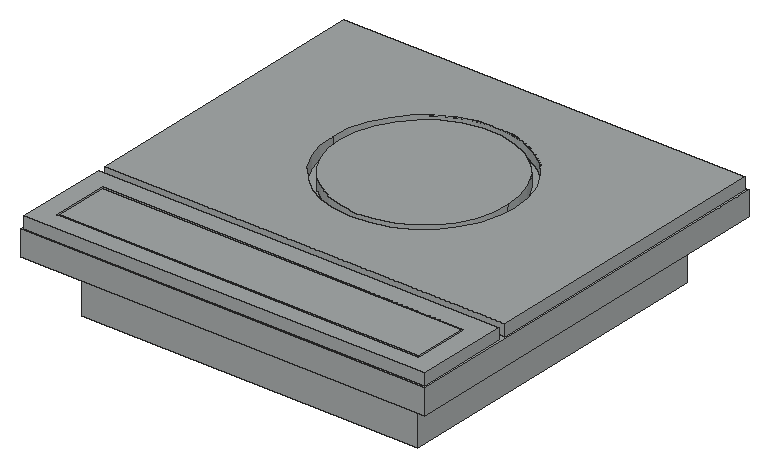
Revit family "Gira_5533926", category Electrical Fixtures, host Face, Revit 2017
Family settings
  Host = Face
  Maintain Annotation Orientation = Yes
  Round Connector Dimension = Use Diameter
  Part Type = Normal
  Cut with Voids When Loaded = No
  Shared = No
  Room Calculation Point = No
Parameters (values of type "Ruftastenmodul 3f System 106 Aluminium")
  URL = "http://katalog.gira.de/de_DE/datenblatt.html?artikelnr=5533926"
  Region = "DE"
  Name = "Ruftastenmodul 3f System 106 Aluminium"
  Model = "Sys106_Abdeckung_Schalten und Tasten"
  Manufacturer URL = "https://www.gira.de/"
  Installationstechnik = "Bus-System"
  Höhe = "0,1065 m"
  HeinzeBIM = "https://bimportal.heinze.de/bim/ruftastenmodul-3f-system-106-aluminium/1730f999f827b65c64c2fb10ff9b1f51c6322679"
  HAN = "5533926"
  GTIN = "4010337022541"
  Farbe = "silber"
  Edelstahl [instance] = Edelstahl
  Default Elevation = 1219.2 mm
  Data sheet (1) = "https://katalog.gira.de/de_DE/download.html?artikelnr=5533926"
  Category = "Funktionsmodul für Türkommunikation"
  Breite = "0,1065 m"
  Available = "Yes"
  Anzahl der Klingeltasten = "3 "
Reference planes
  plane 1 "Center (Front/Back)": y = 0
  plane 2 "Reference Level 0": z = 0
  plane 3 "Center (Left/Right)": x = 0
  plane 4 "Reference Level 1": z = 9.5
Forms (mm)
  Extrusion 1, solid, material "Edelstahl" <- "Edelstahl", detail levels coarse
    sketch origin (0, 0, 0) x (1, 0, 0) y (0, 1, 0)
      loop
        line (-53, 53) -> (-53, -53) -> (53, -53) -> (53, 53) -> (-53, 53)
    from -14.7 to 9.5
  Extrusion 2, solid, material "Edelstahl" <- "Edelstahl", detail levels fine
    sketch origin (0, 0, 0) x (1, 0, 0) y (0, 1, 0)
      loop
        line (52.5, -28) -> (-52.5, -28) -> (-52.5, -52.5) -> (52.5, -52.5) -> (52.5, -28)
      loop
        line (-47.5, -48) -> (47.5, -48) -> (47.5, -33) -> (-47.5, -33) -> (-47.5, -48)
    from 6.5 to 9.5
  Extrusion 3, solid, material "Edelstahl" <- "Edelstahl", detail levels fine
    sketch origin (0, 0, 0) x (1, 0, 0) y (0, 1, 0)
      loop
        line (-52.5, 52.5) -> (-52.5, -26) -> (52.5, -26) -> (52.5, 52.5) -> (-52.5, 52.5)
      loop
        circle (0, 13) r 24
    from 6.5 to 9.5
  Extrusion 4, solid, material "Edelstahl" <- "Edelstahl", detail levels medium+fine
    sketch origin (0, 0, 0) x (1, 0, 0) y (0, 1, 0)
      loop
        line (-53, 53) -> (-53, -53) -> (53, -53) -> (53, 53) -> (-53, 53)
    from 0 to 6.5
  Extrusion 5, solid, material "Edelstahl" <- "Edelstahl", detail levels fine
    sketch origin (0, 0, 0) x (1, 0, 0) y (0, 1, 0)
      loop
        line (-44, 44) -> (-44, -44) -> (44, -44) -> (44, 44) -> (-44, 44)
    from -14.7 to 0
  Extrusion 6, solid, material "Edelstahl" <- "Edelstahl", detail levels fine
    sketch origin (0, 0, 0) x (1, 0, 0) y (0, 1, 0)
      loop
        circle (0, 13) r 22
    from 6.5 to 9.5
  Extrusion 7, solid, material "Edelstahl" <- "Edelstahl", detail levels fine
    sketch origin (0, 0, 0) x (1, 0, 0) y (0, 1, 0)
      loop
        line (-47, -33.5) -> (-47, -47.5) -> (47, -47.5) -> (47, -33.5) -> (-47, -33.5)
    from 6.5 to 9.5
  Extrusion 8, solid, material "Edelstahl" <- "Edelstahl", detail levels medium
    sketch origin (0, 0, 0) x (1, 0, 0) y (0, 1, 0)
      loop
        line (-52.5, 52.5) -> (-52.5, -26) -> (52.5, -26) -> (52.5, 52.5) -> (-52.5, 52.5)
      loop
        line (-52.5, -28) -> (-52.5, -52.5) -> (52.5, -52.5) -> (52.5, -28) -> (-52.5, -28)
    from 6.5 to 9.5
  Extrusion 9, solid, material "Edelstahl" <- "Edelstahl", detail levels medium
    sketch origin (0, 0, 0) x (1, 0, 0) y (0, 1, 0)
      loop
        circle (0, 13) r 24
      loop
        line (-47.5, -33) -> (-47.5, -48) -> (47.5, -48) -> (47.5, -33) -> (-47.5, -33)
    from 6.5 to 9.5
Dimensions and locks
  aligned and locked: plane 2 "Reference Level 0" to host face
  aligned and locked: level to host face
  aligned and locked: Extrusion 4 to host face
  aligned and locked: Extrusion 4 to level
  aligned and locked: level to Extrusion 5
  aligned and locked: level to Extrusion 4
  aligned and locked: Extrusion 4 to plane 2 "Reference Level 0"
  aligned and locked: plane 2 "Reference Level 0" to Extrusion 5
  aligned and locked: plane 3 "Center (Left/Right)" to nested 1
  aligned and locked: plane 1 "Center (Front/Back)" to nested 1
Nested families
  nested 1: "Schalter" at (0, 0, 0), type "Schalter"
Connectors
  electrical at (0, 0, -14.7)
    settings: on Extrusion 5, index 1, voltage 220 V, apparent load 0 VA, apparent load phase1 0 VA, apparent load phase2 0 VA, apparent load phase3 0 VA, power factor 1, load classification "Other", number of poles 1, system type 30, power factor state 1, is connector primary yes, connector utility no, sub classification motor no, connector description ""
Definition of nested family "Schalter"
  Reference planes
    plane 1: y = 0
    plane 2: x = 0
  Lines and regions (mm)
    detail lines
      curve 1: circle (1.375, 2.778, 0) r 0.8 normal (0, 0, 1)
      curve 2: line (1.021, 2.061, 0) -> (0, 0, 0)
      curve 3: line (0, 0, 0) -> (-0.538, 0.266, 0)
  Dimensions and locks
    curve 2 to curve 2 = 2.3 mm
    curve 3 to curve 2 = 0.6 mm
    radius of curve 1 = 0.8 mm
